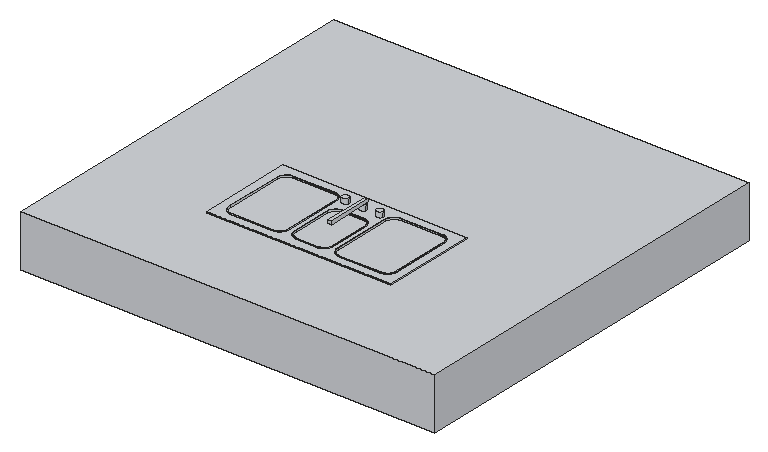
Revit family "M_Pia - Cozinha - Tripla", category Peças hidrossanitárias, Revit 2019
Family settings
  Hospedeiro = Face
  Cota do conector redondo = Usar raio
  Tipo de parte = Normal
  Número OmniClass = 23.45.05.14.14
  Título OmniClass = Sinks/Lavatories
  ID de item do Seek = Sink - Kitchen - Triple-0000-CAN-ENU
  Corte com vazios quando carregada = Não
  Compartilhado = Não
  Ponto de cálculo do ambiente = Não
Parameters (values of type "1090 mmx560 mm - Público")
  WFU = 2
  Espessura = 3.2 mm
  Largura da pia = 560 mm
  Material da pia = none
  Comprimento da pia = 1090 mm
  Profundidade da pia = 205 mm
  Raio do sanitário = 20 mm
  Diâmetro do sanitário = Raio do sanitário * 2  # 40 mm
  Raio da água quente = 7.5 mm
  Diâmetro da água quente = Raio da água quente * 2  # 15 mm
  Comprimento de meia pia = Comprimento da pia / 2  # 545 mm
  HWFU = 3
  Pressão do fluxo [instance] = 55158.0 Pa
  Material da torneira = none
  Default Elevation = 0 mm
  Raio da água gelada = 7.5 mm
  Diâmetro da água gelada = Raio da água gelada * 2  # 15 mm
  CWFU = 3
Types (3, lengths in mm): name | HWFU | CWFU
  (no name) | 3 | 3
  1090 mmx560 mm - Público | 3 | 3
  1090 mmx560 mm - Privado | 1 | 1
Reference planes
  plane 1 "Centro (Frente/Trás)": y = 0
  plane 2: z = 0
  plane 3 "Centro (Esquerda/Direita)": x = 0
  plane 4: z = 6.35
  plane 5: z = 31.75
  plane 6: z = 50.8
  plane 7: z = -198.65
  plane 8: z = -195.475
  plane 9: z = -147.85
  plane 10: z = -144.675
  plane 11: y = -560
  plane 12: y = -50.8
  plane 13: y = -280
  plane 14: y = -509.2
  plane 15: y = -158.75
  plane 16: y = -502.85
  plane 17: y = -88.9
  plane 18: y = -63.5
  plane 19: y = -330.8
  plane 20: y = -330.2
  plane 21: x = -545
  plane 22: x = 545
  plane 23: x = -494.2
  plane 24: x = 494.2
  plane 25: x = -114.3
  plane 26: x = 114.3
  plane 27: x = -142.875
  plane 28: x = 142.875
  plane 29: x = -101.6
  plane 30: x = 101.6
  plane 31: x = -9.525
  plane 32: x = 9.525
  plane 33: x = -318.537
  plane 34: x = 318.537
  plane 35: y = -452.05
  plane 36: x = 437.05
  plane 37: x = 200.025
  plane 38: x = -200.025
  plane 39: x = -437.05
  plane 40: x = -57.15
  plane 41: x = 57.15
  plane 42: y = -215.9
  plane 43: y = -445.7
  plane 44: y = -107.95
Forms (mm)
  Extrusion 1, solid
    sketch origin (0, 0, 0) x (1, 0, 0) y (0, 1, 0)
      loop
        line (-1219.2, 1219.2) -> (-1219.2, -1092.2) -> (1231.9, -1092.2) -> (1231.9, 1219.2) -> (-1219.2, 1219.2)
    from 0 to -304.8
  Extrusion 2, solid, material <- "Material da pia"
    sketch origin (0, 0, 0) x (1, 0, 0) y (0, 1, 0)
      loop
        line (-494.2, -107.95) -> (-494.2, -452.05)
        arc (-494.2, -452.05) -> (-477.461, -492.461) -> (-437.05, -509.2) r 57.15
        line (-437.05, -509.2) -> (-200.025, -509.2)
        arc (-200.025, -509.2) -> (-159.614, -492.461) -> (-142.875, -452.05) r 57.15
        line (-142.875, -452.05) -> (-142.875, -107.95)
        arc (-142.875, -107.95) -> (-159.614, -67.539) -> (-200.025, -50.8) r 57.15
        line (-200.025, -50.8) -> (-437.05, -50.8)
        arc (-437.05, -50.8) -> (-477.461, -67.539) -> (-494.2, -107.95) r 57.15
      loop
        line (142.875, -107.95) -> (142.875, -452.05)
        arc (142.875, -452.05) -> (159.614, -492.461) -> (200.025, -509.2) r 57.15
        line (200.025, -509.2) -> (437.05, -509.2)
        arc (437.05, -509.2) -> (477.461, -492.461) -> (494.2, -452.05) r 57.15
        line (494.2, -452.05) -> (494.2, -107.95)
        arc (494.2, -107.95) -> (477.461, -67.539) -> (437.05, -50.8) r 57.15
        line (437.05, -50.8) -> (200.025, -50.8)
        arc (200.025, -50.8) -> (159.614, -67.539) -> (142.875, -107.95) r 57.15
      loop
        line (-200.025, -54) -> (-437.05, -54)
        arc (-437.05, -54) -> (-475.198, -69.802) -> (-491, -107.95) r 53.95
        line (-491, -107.95) -> (-491, -452.05)
        arc (-491, -452.05) -> (-475.198, -490.198) -> (-437.05, -506) r 53.95
        line (-437.05, -506) -> (-200.025, -506)
        arc (-200.025, -506) -> (-161.877, -490.198) -> (-146.075, -452.05) r 53.95
        line (-146.075, -452.05) -> (-146.075, -107.95)
        arc (-146.075, -107.95) -> (-161.877, -69.802) -> (-200.025, -54) r 53.95
      loop
        arc (200.025, -54) -> (161.877, -69.802) -> (146.075, -107.95) r 53.95
        line (146.075, -107.95) -> (146.075, -452.05)
        arc (146.075, -452.05) -> (161.877, -490.198) -> (200.025, -506) r 53.95
        line (200.025, -506) -> (437.05, -506)
        arc (437.05, -506) -> (475.198, -490.198) -> (491, -452.05) r 53.95
        line (491, -452.05) -> (491, -107.95)
        arc (491, -107.95) -> (475.198, -69.802) -> (437.05, -54) r 53.95
        line (437.05, -54) -> (200.025, -54)
    from -198.65 to 6.35
  Extrusion 3, solid, material <- "Material da pia"
    sketch origin (0, 0, 0) x (1, 0, 0) y (0, 1, 0)
      loop
        line (-114.3, -215.9) -> (-114.3, -445.7)
        arc (-114.3, -445.7) -> (-97.561, -486.111) -> (-57.15, -502.85) r 57.15
        line (-57.15, -502.85) -> (57.15, -502.85)
        arc (57.15, -502.85) -> (97.561, -486.111) -> (114.3, -445.7) r 57.15
        line (114.3, -445.7) -> (114.3, -215.9)
        arc (114.3, -215.9) -> (97.561, -175.489) -> (57.15, -158.75) r 57.15
        line (57.15, -158.75) -> (-57.15, -158.75)
        arc (-57.15, -158.75) -> (-97.561, -175.489) -> (-114.3, -215.9) r 57.15
      loop
        line (57.15, -161.95) -> (-57.15, -161.95)
        arc (-57.15, -161.95) -> (-95.298, -177.752) -> (-111.1, -215.9) r 53.95
        line (-111.1, -215.9) -> (-111.1, -445.7)
        arc (-111.1, -445.7) -> (-95.298, -483.848) -> (-57.15, -499.65) r 53.95
        line (-57.15, -499.65) -> (57.15, -499.65)
        arc (57.15, -499.65) -> (95.298, -483.848) -> (111.1, -445.7) r 53.95
        line (111.1, -445.7) -> (111.1, -215.9)
        arc (111.1, -215.9) -> (95.298, -177.752) -> (57.15, -161.95) r 53.95
    from -147.85 to 6.35
  Extrusion 4, solid, material <- "Material da pia"
    sketch origin (0, 0, 0) x (1, 0, 0) y (0, 1, 0)
      loop
        line (-200.025, -50.8) -> (-437.05, -50.8)
        arc (-437.05, -50.8) -> (-477.461, -67.539) -> (-494.2, -107.95) r 57.15
        line (-494.2, -107.95) -> (-494.2, -452.05)
        arc (-494.2, -452.05) -> (-477.461, -492.461) -> (-437.05, -509.2) r 57.15
        line (-437.05, -509.2) -> (-200.025, -509.2)
        arc (-200.025, -509.2) -> (-159.614, -492.461) -> (-142.875, -452.05) r 57.15
        line (-142.875, -452.05) -> (-142.875, -107.95)
        arc (-142.875, -107.95) -> (-159.614, -67.539) -> (-200.025, -50.8) r 57.15
      loop
        line (437.05, -50.8) -> (200.025, -50.8)
        arc (200.025, -50.8) -> (159.614, -67.539) -> (142.875, -107.95) r 57.15
        line (142.875, -107.95) -> (142.875, -452.05)
        arc (142.875, -452.05) -> (159.614, -492.461) -> (200.025, -509.2) r 57.15
        line (200.025, -509.2) -> (437.05, -509.2)
        arc (437.05, -509.2) -> (477.461, -492.461) -> (494.2, -452.05) r 57.15
        line (494.2, -452.05) -> (494.2, -107.95)
        arc (494.2, -107.95) -> (477.461, -67.539) -> (437.05, -50.8) r 57.15
      loop
        circle (-318.537, -280) r 31.75
      loop
        circle (318.537, -280) r 31.75
    from -198.65 to -195.475
  Extrusion 5, solid, material <- "Material da pia"
    sketch origin (0, 0, 0) x (1, 0, 0) y (0, 1, 0)
      loop
        line (57.15, -158.75) -> (-57.15, -158.75)
        arc (-57.15, -158.75) -> (-97.561, -175.489) -> (-114.3, -215.9) r 57.15
        line (-114.3, -215.9) -> (-114.3, -445.7)
        arc (-114.3, -445.7) -> (-97.561, -486.111) -> (-57.15, -502.85) r 57.15
        line (-57.15, -502.85) -> (57.15, -502.85)
        arc (57.15, -502.85) -> (97.561, -486.111) -> (114.3, -445.7) r 57.15
        line (114.3, -445.7) -> (114.3, -215.9)
        arc (114.3, -215.9) -> (97.561, -175.489) -> (57.15, -158.75) r 57.15
      loop
        circle (0, -330.8) r 31.75
    from -147.85 to -144.675
  Extrusion 6, solid, material <- "Material da pia"
    sketch origin (0, 0, 0) x (1, 0, 0) y (0, 1, 0)
      loop
        line (-545, 0) -> (-545, -560) -> (545, -560) -> (545, 0) -> (-545, 0)
      loop
        arc (-437.05, -50.8) -> (-477.461, -67.539) -> (-494.2, -107.95) r 57.15
        line (-494.2, -107.95) -> (-494.2, -452.05)
        arc (-494.2, -452.05) -> (-477.461, -492.461) -> (-437.05, -509.2) r 57.15
        line (-437.05, -509.2) -> (-200.025, -509.2)
        arc (-200.025, -509.2) -> (-159.614, -492.461) -> (-142.875, -452.05) r 57.15
        line (-142.875, -452.05) -> (-142.875, -107.95)
        arc (-142.875, -107.95) -> (-159.614, -67.539) -> (-200.025, -50.8) r 57.15
        line (-200.025, -50.8) -> (-437.05, -50.8)
      loop
        line (57.15, -158.75) -> (-57.15, -158.75)
        arc (-57.15, -158.75) -> (-97.561, -175.489) -> (-114.3, -215.9) r 57.15
        line (-114.3, -215.9) -> (-114.3, -445.7)
        arc (-114.3, -445.7) -> (-97.561, -486.111) -> (-57.15, -502.85) r 57.15
        line (-57.15, -502.85) -> (57.15, -502.85)
        arc (57.15, -502.85) -> (97.561, -486.111) -> (114.3, -445.7) r 57.15
        line (114.3, -445.7) -> (114.3, -215.9)
        arc (114.3, -215.9) -> (97.561, -175.489) -> (57.15, -158.75) r 57.15
      loop
        line (142.875, -107.95) -> (142.875, -452.05)
        arc (142.875, -452.05) -> (159.614, -492.461) -> (200.025, -509.2) r 57.15
        line (200.025, -509.2) -> (437.05, -509.2)
        arc (437.05, -509.2) -> (477.461, -492.461) -> (494.2, -452.05) r 57.15
        line (494.2, -452.05) -> (494.2, -107.95)
        arc (494.2, -107.95) -> (477.461, -67.539) -> (437.05, -50.8) r 57.15
        line (437.05, -50.8) -> (200.025, -50.8)
        arc (200.025, -50.8) -> (159.614, -67.539) -> (142.875, -107.95) r 57.15
    from 0 to 6.35
  Extrusion 7, solid, material <- "Material da pia"
    sketch origin (0, 0, 0) x (1, 0, 0) y (0, 1, 0)
      loop
        circle (-318.537, -280) r 31.75
      loop
        circle (318.537, -280) r 31.75
    from -198.65 to -195.475
  Extrusion 8, solid, material <- "Material da pia"
    sketch origin (0, 0, 0) x (1, 0, 0) y (0, 1, 0)
      loop
        circle (0, -330.8) r 31.75
    from -147.85 to -144.675
  Extrusion 9, solid, material <- "Material da torneira", detail levels fine
    sketch origin (0, 0, 0) x (1, 0, 0) y (0, 1, 0)
      loop
        circle (-101.6, -88.9) r 19.05
      loop
        circle (0, -88.9) r 19.05
      loop
        circle (101.6, -88.9) r 19.05
    from 0 to 31.75
  Extrusion 10, solid, material <- "Material da torneira", detail levels fine
    sketch origin (0, 0, 0) x (1, 0, 0) y (0, 1, 0)
      loop
        line (-9.525, -63.5) -> (-9.525, -330.2) -> (9.525, -330.2) -> (9.525, -63.5) -> (-9.525, -63.5)
    from 31.75 to 50.8
Dimensions and locks
  locked: plane 4 to plane 2 at 6.35
  locked: plane 5 to plane 4 at 25.4
  locked: plane 6 to plane 5 at 19.05
  "Profundidade da pia": plane 4 to plane 7
  locked: plane 8 to plane 7 at 3.175
  locked: plane 9 to plane 7 at 50.8
  "Largura da pia": plane 11 to plane 1 "Centro (Frente/Trás)"
  locked: plane 12 to plane 1 "Centro (Frente/Trás)" at 50.8
  equal spacing: plane 12, plane 13, plane 14
  locked: plane 14 to plane 11 at 50.8
  locked: plane 15 to plane 1 "Centro (Frente/Trás)" at 158.75
  locked: plane 16 to plane 11 at 57.15
  locked: plane 17 to plane 1 "Centro (Frente/Trás)" at 88.9
  locked: plane 18 to plane 1 "Centro (Frente/Trás)" at 63.5
  equal spacing: plane 16, plane 19, plane 15
  locked: plane 18 to plane 20 at 266.7
  "Comprimento de meia pia": plane 21 to plane 3 "Centro (Esquerda/Direita)"
  "Comprimento de meia pia": plane 3 "Centro (Esquerda/Direita)" to plane 22
  locked: plane 21 to plane 23 at 50.8
  locked: plane 24 to plane 22 at 50.8
  locked: plane 25 to plane 3 "Centro (Esquerda/Direita)" at 114.3
  locked: plane 3 "Centro (Esquerda/Direita)" to plane 26 at 114.3
  locked: plane 27 to plane 25 at 28.575
  locked: plane 26 to plane 28 at 28.575
  locked: plane 29 to plane 3 "Centro (Esquerda/Direita)" at 101.6
  locked: plane 3 "Centro (Esquerda/Direita)" to plane 30 at 101.6
  locked: plane 31 to plane 3 "Centro (Esquerda/Direita)" at 9.525
  locked: plane 3 "Centro (Esquerda/Direita)" to plane 32 at 9.525
  equal spacing: plane 23, plane 33, plane 27
  equal spacing: plane 28, plane 34, plane 24
  locked: plane 23 to plane 39 at 57.15
  locked: plane 38 to plane 27 at 57.15
  locked: plane 28 to plane 37 at 57.15
  locked: plane 36 to plane 24 at 57.15
  locked: plane 25 to plane 40 at 57.15
  locked: plane 41 to plane 26 at 57.15
  locked: plane 35 to plane 14 at 57.15
  locked: plane 12 to plane 44 at 57.15
  locked: plane 42 to plane 15 at 57.15
  locked: plane 43 to plane 16 at 57.15
  "Espessura": Extrusion 2 sketch curve to Extrusion 2 sketch curve  (x8)
  "Espessura": Extrusion 3 sketch curve to Extrusion 3 sketch curve  (x4)
  locked: plane 10 to plane 9 at 3.175
  radius of Extrusion 2 sketch curve = 57.15 mm  (x8)
  radius of Extrusion 3 sketch curve = 57.15 mm  (x4)
  radius of Extrusion 4 sketch curve = 31.75 mm  (x2)
  radius of Extrusion 5 sketch curve = 31.75 mm
  radius of Extrusion 7 sketch curve = 31.75 mm  (x2)
  radius of Extrusion 8 sketch curve = 31.75 mm
  radius of Extrusion 9 sketch curve = 19.05 mm  (x3)
  aligned and locked: plane 2 to Extrusion 1
  aligned and locked: level to Extrusion 1
  aligned and locked: plane 23 to Extrusion 2 sketch curve
  aligned and locked: plane 38 to Extrusion 2 sketch curve  (x2)
  aligned and locked: plane 27 to Extrusion 2 sketch curve
  aligned and locked: plane 39 to Extrusion 2 sketch curve  (x3)
  aligned and locked: plane 44 to Extrusion 2 sketch curve  (x6)
  aligned and locked: plane 35 to Extrusion 2 sketch curve  (x6)
  aligned and locked: Extrusion 2 sketch curve to plane 27
  aligned and locked: Extrusion 2 sketch curve to plane 14  (x2)
  aligned and locked: Extrusion 2 sketch curve to plane 12  (x2)
  aligned and locked: plane 24 to Extrusion 2 sketch curve
  aligned and locked: plane 37 to Extrusion 2 sketch curve  (x4)
  aligned and locked: plane 36 to Extrusion 2 sketch curve  (x3)
  aligned and locked: plane 15 to Extrusion 3 sketch curve  (x2)
  aligned and locked: plane 40 to Extrusion 3 sketch curve  (x3)
  aligned and locked: plane 43 to Extrusion 3 sketch curve  (x3)
  aligned and locked: plane 41 to Extrusion 3 sketch curve  (x4)
  aligned and locked: plane 42 to Extrusion 3 sketch curve  (x2)
  aligned and locked: Extrusion 3 sketch curve to plane 25
  aligned and locked: Extrusion 3 sketch curve to plane 16
  aligned and locked: Extrusion 2 to plane 7
  aligned and locked: plane 4 to Extrusion 2
  aligned and locked: Extrusion 3 to plane 9
  aligned and locked: plane 4 to Extrusion 3
  aligned and locked: plane 12 to Extrusion 4 sketch curve  (x2)
  aligned and locked: plane 27 to Extrusion 4 sketch curve
  aligned and locked: Extrusion 4 sketch curve to plane 14  (x2)
  aligned and locked: Extrusion 4 sketch curve to plane 23
  aligned and locked: Extrusion 4 sketch curve to plane 24
  aligned and locked: plane 28 to Extrusion 4 sketch curve
  aligned and locked: plane 13 to Extrusion 4 sketch curve  (x2)
  aligned and locked: plane 33 to Extrusion 4 sketch curve
  aligned and locked: plane 34 to Extrusion 4 sketch curve
  aligned and locked: Extrusion 4 to plane 7
  aligned and locked: plane 8 to Extrusion 4
  aligned and locked: Extrusion 5 sketch curve to plane 26
  aligned and locked: Extrusion 5 sketch curve to plane 16
  aligned and locked: Extrusion 5 sketch curve to plane 25
  aligned and locked: Extrusion 5 sketch curve to plane 15
  aligned and locked: plane 3 "Centro (Esquerda/Direita)" to Extrusion 5 sketch curve
  aligned and locked: Extrusion 5 to plane 9
  aligned and locked: plane 10 to Extrusion 5
  aligned and locked: plane 1 "Centro (Frente/Trás)" to Extrusion 6 sketch curve
  aligned and locked: plane 11 to Extrusion 6 sketch curve
  aligned and locked: plane 21 to Extrusion 6 sketch curve
  aligned and locked: plane 22 to Extrusion 6 sketch curve
  aligned and locked: Extrusion 6 sketch curve to plane 23
  aligned and locked: plane 12 to Extrusion 6 sketch curve  (x2)
  aligned and locked: plane 27 to Extrusion 6 sketch curve
  aligned and locked: Extrusion 6 sketch curve to plane 14  (x2)
  aligned and locked: Extrusion 6 sketch curve to plane 24
  aligned and locked: plane 28 to Extrusion 6 sketch curve
  aligned and locked: Extrusion 6 to plane 2
  aligned and locked: plane 4 to Extrusion 6
  aligned and locked: plane 19 to Extrusion 5 sketch curve
  aligned and locked: plane 33 to Extrusion 7 sketch curve
  aligned and locked: plane 13 to Extrusion 7 sketch curve  (x2)
  aligned and locked: plane 34 to Extrusion 7 sketch curve
  aligned and locked: plane 3 "Centro (Esquerda/Direita)" to Extrusion 8 sketch curve
  aligned and locked: plane 19 to Extrusion 8 sketch curve
  aligned and locked: Extrusion 7 to plane 7
  aligned and locked: plane 8 to Extrusion 7
  aligned and locked: Extrusion 8 to plane 9
  aligned and locked: plane 10 to Extrusion 8
  aligned and locked: plane 29 to Extrusion 9 sketch curve
  aligned and locked: plane 17 to Extrusion 9 sketch curve  (x3)
  aligned and locked: plane 3 "Centro (Esquerda/Direita)" to Extrusion 9 sketch curve
  aligned and locked: plane 30 to Extrusion 9 sketch curve
  aligned and locked: plane 5 to Extrusion 9
  aligned and locked: Extrusion 9 to plane 2
  aligned and locked: plane 32 to Extrusion 10 sketch curve  (x2)
  aligned and locked: plane 18 to Extrusion 10 sketch curve  (x2)
  aligned and locked: plane 31 to Extrusion 10 sketch curve
  aligned and locked: plane 20 to Extrusion 10 sketch curve  (x2)
  aligned and locked: Extrusion 10 sketch curve to plane 31
  aligned and locked: Extrusion 10 to plane 5
  aligned and locked: plane 6 to Extrusion 10
Automatic sketch dimensions
  Extrusion 2 sketch curve to Extrusion 2 sketch curve = 0 mm  (x8)
  Extrusion 3 sketch curve to Extrusion 3 sketch curve = 0 mm  (x4)
  Extrusion 4 sketch curve to plane 35 = 0 mm  (x3)
  Extrusion 4 sketch curve to plane 39 = 0 mm
  Extrusion 4 sketch curve to plane 38 = 0 mm  (x2)
  Extrusion 4 sketch curve to plane 37 = 0 mm
  Extrusion 4 sketch curve to plane 36 = 0 mm
  Extrusion 5 sketch curve to plane 40 = 0 mm  (x2)
  Extrusion 5 sketch curve to plane 41 = 0 mm  (x2)
  Extrusion 6 sketch curve to plane 39 = 0 mm  (x2)
  Extrusion 6 sketch curve to plane 38 = 0 mm  (x2)
  Extrusion 6 sketch curve to plane 41 = 0 mm  (x2)
  Extrusion 6 sketch curve to plane 26 = 0 mm
  Extrusion 6 sketch curve to plane 42 = 0 mm
  Extrusion 6 sketch curve to plane 43 = 0 mm
  Extrusion 6 sketch curve to plane 25 = 0 mm
  Extrusion 6 sketch curve to plane 40 = 0 mm  (x2)
  Extrusion 6 sketch curve to plane 37 = 0 mm  (x2)
  Extrusion 6 sketch curve to plane 36 = 0 mm  (x2)
  Extrusion 1 sketch curve to Extrusion 1 sketch curve = 2451.1 mm
  Extrusion 1 sketch curve to Extrusion 1 sketch curve = 2311.4 mm
Connectors
  piping at (101.6, -88.9, 0), diameter 15, driven by "CWFU", driven by "Pressão do fluxo", driven by "Raio da água gelada"
    settings: on Extrusion 9, index 1, connector inside diameter 15 mm, connector length 0 mm, flow factor 0, pipe flow 0.0 L/s, pressure drop 55158.0 Pa, fitting loss kfactor 0, connector angle 0.00°, fixture units 3, engagement length 0 mm, angle of deflection 0.00°, flow configuration 3, flow direction 1, fitting loss method 4, system type 20, joint type 0, gender type 0, connector reference index -1, connector utility 0, adjustable connector no, is connector primary yes, connector description "In"
  piping at (-101.6, -88.9, 0), diameter 15, driven by "HWFU", driven by "Pressão do fluxo", driven by "Raio da água quente"
    settings: on Extrusion 9, index 2, connector inside diameter 15 mm, connector length 0 mm, flow factor 0, pipe flow 0.0 L/s, pressure drop 55158.0 Pa, fitting loss kfactor 0, connector angle 0.00°, fixture units 3, engagement length 0 mm, angle of deflection 0.00°, flow configuration 3, flow direction 1, fitting loss method 4, system type 19, joint type 0, gender type 0, connector reference index -1, connector utility 0, adjustable connector no, is connector primary no, connector description "In"
  piping at (318.537, -280, -198.65), diameter 40, driven by "Raio do sanitário", driven by "WFU"
    settings: on Extrusion 4, index 3, connector inside diameter 40 mm, connector length 0 mm, flow factor 0, pipe flow 0.0 L/s, pressure drop 0.0 Pa, fitting loss kfactor 0, connector angle 0.00°, fixture units 2, engagement length 0 mm, angle of deflection 0.00°, flow configuration 3, flow direction 2, fitting loss method 0, system type 16, joint type 0, gender type 0, connector reference index -1, connector utility 0, adjustable connector no, is connector primary no, connector description "Saída"
  piping at (0, -330.8, -147.85), diameter 40, driven by "WFU", driven by "Raio do sanitário"
    settings: on Extrusion 5, index 4, connector inside diameter 40 mm, connector length 0 mm, flow factor 0, pipe flow 0.0 L/s, pressure drop 0.0 Pa, fitting loss kfactor 0, connector angle 0.00°, fixture units 2, engagement length 0 mm, angle of deflection 0.00°, flow configuration 3, flow direction 2, fitting loss method 0, system type 16, joint type 0, gender type 0, connector reference index -1, connector utility 0, adjustable connector no, is connector primary no, connector description "Saída"
  piping at (-318.537, -280, -195.475), diameter 40, driven by "WFU", driven by "Raio do sanitário"
    settings: on Extrusion 4, index 5, connector inside diameter 40 mm, connector length 0 mm, flow factor 0, pipe flow 0.0 L/s, pressure drop 0.0 Pa, fitting loss kfactor 0, connector angle 0.00°, fixture units 2, engagement length 0 mm, angle of deflection 0.00°, flow configuration 3, flow direction 2, fitting loss method 0, system type 16, joint type 0, gender type 0, connector reference index -1, connector utility 0, adjustable connector no, is connector primary no, connector description "Saída"
